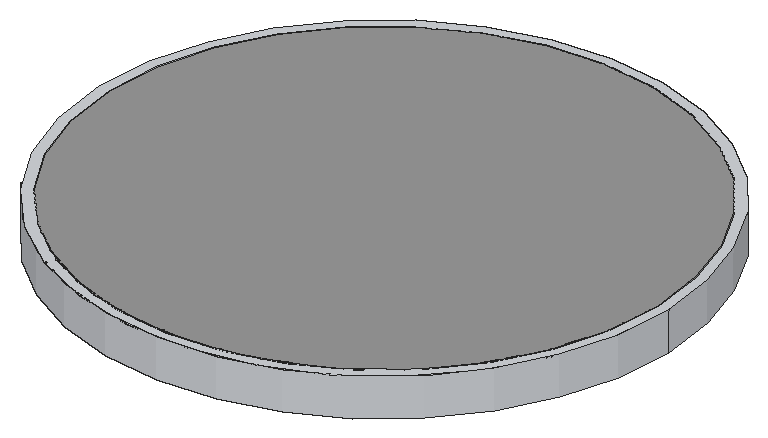
Revit family "2071264", category Lighting Fixtures, host Face, Revit 2018
Family settings
  Host = Face
  Round Connector Dimension = Use Diameter
  Part Type = Normal
  OmniClass Number = 23.80.70.00
  OmniClass Title = Lighting
  Cut with Voids When Loaded = No
  Light Source = Yes
  Shared = No
  Room Calculation Point = No
Parameters (values of type "2071264 COLOSSAL 900 830 PR DIR+H WHT SSC")
  iner diameter = 856 mm
  Weight = "n/a"
  Wattage Comments = ""
  Wattage = 30 W
  WarrantyStartDate [instance] = "n/a"
  WarrantyGuarantorParts = "n/a"
  WarrantyDurationUnit = "n/a"
  WarrantyDurationParts = ""
  WarrantyDescription = "http://www.sylvania-lighting.com"
  built-in parameter 1150110 = 1 (stored number, unit not read)
  Voltage = 230 V
  URL = "0.99"
  TypeName = "COLOSSAL 900mm 830 PRISM DIR+HAL WHITE SSC"
  Type Image = <None>
  Type Comments = "n/a"
  built-in parameter 1114217 = 1 (stored number, unit not read)
  Tilt Angle = -90.00°
  built-in parameter 1150109 = 1 (stored number, unit not read)
  built-in parameter 1150134 = (empty or 0)
  built-in parameter 1150113 = 1 (stored number, unit not read)
  SerialNumber [instance] = "n/a"
  Photometric Web File = "2071264.ies"
  Material_3_SYL = LED-Sylvania
  PowerFactor = 0
  PowerConsumption = "Lighting"
  NominalLength = 888 mm
  NominalHeight = 93 mm
  NominalDepth = 888 mm
  Name = "COLOSSAL 900mm 830 PRISM DIR+HAL WHITE SSC"
  ModelReference = Name  # "COLOSSAL 900mm 830 PRISM DIR+HAL WHITE SSC"
  ModelNumber = "2071264"
  Model = Name  # "COLOSSAL 900mm 830 PRISM DIR+HAL WHITE SSC"
  Material = "Feilo Sylvania"
  ManufacturerName = "134 lm/W"
  Manufacturer = ""
  LuminousEfficacy = ""
  built-in parameter 1150105 = 270.44 (stored number, unit not read)
  Lumens = 3398.4 lm
  LuminaireType = "0"
  built-in parameter 1150115 = 1 (stored number, unit not read)
  LightOutputRatio = "LED"
  built-in parameter 1150137 = (empty or 0)
  built-in parameter 1150139 = (empty or 0)
  LampsType = Lamp  # "n/a"
  LampNominalLuminous = "3000 K"
  LampMacAdamStep = "80"
  LampColourTemperature = "LED"
  LampColourRenderingIndex = "16500"
  built-in parameter 1150112 = 1 (stored number, unit not read)
  built-in parameter 1150114 = 1 (stored number, unit not read)
  Lamp = "n/a"
  Keynote = "n/a"
  InstallationDate [instance] = "n/a"
  InputVoltage = "0"
  InputNominalFrequency = "3000"
  built-in parameter 1150132 = (empty or 0)
  built-in parameter 1150102 = (empty or 0)
  built-in parameter 1150107 = 3000 (stored number, unit not read)
  built-in parameter 1150138 = (empty or 0)
  IngressProtection = "IfcLightFixtureType"
  ImpactProtectionIndex = "IfcLightFixtureType"
  built-in parameter 1150106 = 2.7044 (stored number, unit not read)
  IfcExportType = "IfcLightFixtureType"
  IfcExportAs = "Class I"
  Emit from Circle Diameter = 385 mm
  Emit Shape Visible in Rendering = no
  ElectricShockClassification = "134"
  built-in parameter 1150104 = 10.524 (stored number, unit not read)
  DocumentationLiterature = "http://www.sylvania-lighting.com/product/en-int/products/2071264"
  DimmingControlOptions = "n/a"
  Material_2_SYL = Polycarbonate_Sylvania_White
  Dimming Lamp Color Temperature Shift = <None>
  Description = "900mm diameter circular architectural luminaire, can be surface mounted or suspended. Powder coated aluminium housing (RAL9016) with PMMA prismatic diffuser. Direct/indirect (halo) light distribution, 7895lm luminuous flux, 58.7W system power, 134lm/W luminiaire efficacy. Sylsmart Standalone enabled. Colour rendering index Ra >80, 3000K Warm White LED, chromaticity tolerance of 3-step MacAdam ellipse. IP40/IP20, IK03. 350mA drive current. UGR≤19. Electrical protection Class1, 220-240V. Reported lifetime 66k hours L90B10."
  Default Elevation = 1219.2 mm
  CreatedOn = "23/03/2022"
  CreatedBy = "@sylvania-lighting.com"
  Cost = 0
  Color Filter = 16777215
  built-in parameter 1114216 [instance] = (empty or 0)
  ClassificationValue = "EF_70_80"
  ClassificationName = "Uniclass2015"
  Material_1_SYL = Polycarbonate_Sylvania_Opal
  BarCode [instance] = "n/a"
  built-in parameter 1114218 = 1 (stored number, unit not read)
  built-in parameter 1150133 = 10 (stored number, unit not read)
  AssetType = "Fixed"
  AssetIdentifier [instance] = "n/a"
  Assembly Code = "D5020200"
  Apparent Load = 58.7 VA
  Material_4_SYL = none
Reference planes
  plane 1 "Center (Front/Back)": y = 0
  plane 2: z = 0
  plane 3 "Center (Left/Right)": x = 0
  plane 4: z = 1.161
  plane 5: z = 16.161
  plane 6: x = -444
  plane 7: x = 444
  plane 8: y = 444
  plane 9: y = -444
  plane 10: y = 236
  plane 11: y = -236
  plane 12: x = 85
  plane 13: x = -85
  plane 14: through (0, 0, 1219.2) normal (0.5, 0.866, 0)
  plane 15: through (42.5, 73.612, 1219.2) normal (0.5, 0.866, 0)
  plane 16: through (-42.5, -73.612, 1219.2) normal (0.5, 0.866, 0)
  plane 17: through (0, 0, 1219.2) normal (0.5, -0.866, 0)
  plane 18: through (-42.5, 73.612, 1219.2) normal (0.5, -0.866, 0)
  plane 19: through (42.5, -73.612, 1219.2) normal (0.5, -0.866, 0)
  plane 20: z = 93
  plane 21: y = 428
  plane 22: y = -428
Forms (mm)
  Extrusion 1, solid, detail levels medium+fine
    sketch origin (0, 0, 0) x (0.866025, -0.5, 0) y (0.5, 0.866025, 0)
      loop
        circle (-50, 86.603) r 22
    from 0 to 2
  Extrusion 2, solid, detail levels medium+fine
    sketch origin (0, 0, 0) x (0.866025, -0.5, 0) y (0.5, 0.866025, 0)
      loop
        circle (100, 0) r 22
      loop
        circle (-50, -86.603) r 22
    from 0 to 2
  Blend 3, solid, detail levels medium+fine
    base sketch origin (0, 0, 0) x (1, 0, 0) y (0, 1, 0)
      loop
        line (-85, 236) -> (-246.882, -44.388) -> (-161.882, -191.612) -> (161.882, -191.612) -> (246.882, -44.388) -> (85, 236) -> (-85, 236)
    top sketch origin (0, 0, 0) x (1, 0, 0) y (0, 1, 0)
      loop
        line (-85, 283.076) -> (-287.651, -67.926) -> (-207.792, -218.119) -> (207.792, -218.119) -> (292.5, -71.401) -> (85, 283.076) -> (-85, 283.076)
    from 0 to 33.022
  Extrusion 4, solid, detail levels medium+fine
    sketch origin (0, 0, 0) x (1, 0, 0) y (0, 1, 0)
      loop
        circle (0, 0) r 444
    from 33.022 to 93
  Extrusion 5, void
    sketch origin (0, 0, 0) x (1, 0, 0) y (0, 1, 0)
      loop
        circle (0, 0) r 428
    from 96.588 to 37.292
  Extrusion 6, solid, material "Glass, White, High Luminance", detail levels fine
    sketch origin (0, 0, 0) x (1, 0, 0) y (0, 1, 0)
      loop
        circle (0, 0) r 428
    from 87.991 to 93
  Extrusion 7, solid, detail levels coarse
    sketch origin (0, 0, 0) x (1, 0, 0) y (0, 1, 0)
      loop
        line (-444, 444) -> (-444, -444) -> (444, -444) -> (444, 444) -> (-444, 444)
    from 0 to 93.648
Cuts and joins
  Extrusion 5 cuts Extrusion 1
  Extrusion 5 cuts Extrusion 2
  Extrusion 5 cuts Blend 3
  Extrusion 5 cuts Extrusion 4
Lines and regions (mm)
  model lines, detail levels medium+fine
    curve 1: circle (0, 0, 0) r 100 normal (0, 0, 1)
Dimensions and locks
  "NominalDepth": plane 8 to plane 9
  plane 8 to plane 1 "Center (Front/Back)" to plane 9 = 444 mm, 444 mm
  "NominalLength": plane 6 to plane 7
  equal spacing: plane 6, plane 3 "Center (Left/Right)", plane 7
  "NominalHeight": level to plane 20
  "iner diameter": plane 21 to plane 22
  equal spacing: plane 21, plane 1 "Center (Front/Back)", plane 22
  aligned and locked: plane 2 to host face
  aligned and locked: level to host face
Automatic sketch dimensions
  host sketch curve to host sketch curve = 2438.4 mm  (x2)
  Extrusion 1 sketch curve to plane 3 "Center (Left/Right)" = 0 mm
  Extrusion 1 sketch curve to plane 1 "Center (Front/Back)" = 100 mm
  plane 1 "Center (Front/Back)" to Extrusion 2 sketch curve = 50 mm
  Extrusion 2 sketch curve to plane 3 "Center (Left/Right)" = 86.603 mm
  Extrusion 2 sketch curve to Extrusion 2 sketch curve = 150 mm
  Extrusion 2 sketch curve to Extrusion 2 sketch curve = 86.603 mm
  plane 1 "Center (Front/Back)" to curve 1 = 0 mm
  curve 1 to plane 3 "Center (Left/Right)" = 0 mm
  plane 18 to Blend 3 sketch curve = 0 mm  (x2)
  plane 19 to Blend 3 sketch curve = 0 mm  (x2)
  Blend 3 sketch curve to plane 10 = 0 mm
  Blend 3 sketch curve to plane 13 = 0 mm  (x2)
  Blend 3 sketch curve to plane 12 = 0 mm  (x2)
  Blend 3 sketch curve to plane 16 = 0 mm  (x2)
  Blend 3 sketch curve to plane 15 = 0 mm
  plane 11 to Blend 3 sketch curve = 44.388 mm
  plane 1 "Center (Front/Back)" to Blend 3 sketch curve = 44.388 mm  (x2)
  plane 11 to Blend 3 sketch curve = 17.881 mm
  plane 1 "Center (Front/Back)" to Blend 3 sketch curve = 67.926 mm
  plane 1 "Center (Front/Back)" to Blend 3 sketch curve = 71.401 mm
  Blend 3 sketch curve to plane 7 = 151.5 mm
  plane 10 to Blend 3 sketch curve = 47.076 mm
  plane 1 "Center (Front/Back)" to Extrusion 4 sketch curve = 0 mm
  Extrusion 4 sketch curve to plane 3 "Center (Left/Right)" = 0 mm
  plane 1 "Center (Front/Back)" to Extrusion 5 sketch curve = 0 mm
  Extrusion 5 sketch curve to plane 3 "Center (Left/Right)" = 0 mm
  plane 1 "Center (Front/Back)" to Extrusion 6 sketch curve = 0 mm
  Extrusion 6 sketch curve to plane 3 "Center (Left/Right)" = 0 mm
  Extrusion 7 sketch curve to plane 6 = 0 mm
  Extrusion 7 sketch curve to plane 7 = 0 mm
  Extrusion 7 sketch curve to plane 9 = 0 mm
  Extrusion 7 sketch curve to plane 8 = 0 mm
  radius of Extrusion 1 sketch curve = 22 mm
  radius of Extrusion 2 sketch curve = 22 mm  (x2)
  radius of curve 1 = 100 mm
  radius of Extrusion 4 sketch curve = 444 mm
  radius of Extrusion 5 sketch curve = 428 mm
  radius of Extrusion 6 sketch curve = 428 mm
Connectors
  electrical at (0, 0, 0), driven by "Apparent Load", driven by "PowerFactor", driven by "Voltage"
    settings: index 1, voltage 230 V, apparent load 58.7 VA, apparent load phase1 0 VA, apparent load phase2 0 VA, apparent load phase3 0 VA, power factor 0, load classification "Lighting", number of poles 1, system type 30, power factor state 1, is connector primary yes, connector utility no, sub classification motor no, connector description ""
